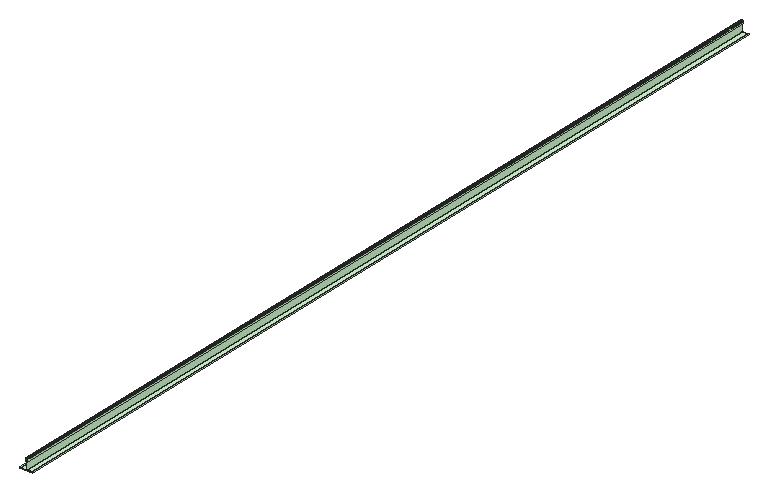
Revit family "eat4050", category 機械設備, Revit 2022
Family settings
  丸型コネクタ寸法 = 直径を使用
  種別 = なし
  パーツ タイプ = 標準
  作業面ベース = いいえ
  常に垂直 = はい
  ロード時にボイドで切り取り = いいえ
  注釈の向きを維持 = いいえ
  共有 = いいえ
  部屋計算ポイント = いいえ
Parameters
  製造元 = "株式会社桐井製作所"
  既定の高さ = 0 mm
  URL = "https://www.kirii.co.jp/"
  K_長さ(mm) [instance] = 3600 mm
  K_品名 = "アルミTバーeAT4050"
  K_名称 = "アルミTバー"
  K_入数 = "12"
  K_備考 = "定尺L=3000、L=3600"
  K_バージョン情報 = "20220915"
Reference planes
  plane 1 "中心(正面/背面)": y = 0
  plane 2: z = 0
  plane 3 "中心(左/右)": x = 0
  plane 4: y = 3600
Forms (mm)
  Extrusion 1, solid
    sketch origin (0, 0, 7.1) x (-1, 0, 0) y (0, 0, 1)
      loop
        line (0.65, 26.4) -> (1.75, 26.4) -> (2.4, 25.75) -> (2.4, 24.9) -> (3.5, 24.9) -> (3.5, 35.2) -> (1.367, 35.2) -> (1.008, 34.43) -> (1.346, 33.705) -> (1.008, 32.98) -> (1.346, 32.255) -> (1.008, 31.53) -> (1.346, 30.805) -> (0.828, 30.188) -> (1.288, 29.555) -> (2.2, 29.7) -> (2.2, 28.6) -> (1, 27.4) -> (-1, 27.4) -> (-2.2, 28.6) -> (-2.2, 30.191) -> (-1.383, 29.894) -> (-0.827, 30.45) -> (-1.172, 31.191) -> (-0.834, 31.916) -> (-1.172, 32.641) -> (-0.834, 33.366) -> (-1.308, 34.017) -> (-0.839, 34.662) -> (-1.579, 35.2) -> (-3.5, 35.2) -> (-3.5, 24.9) -> (-2.4, 24.9) -> (-2.4, 25.75) -> (-1.75, 26.4) -> (-0.65, 26.4) -> (-0.65, -5.6) -> (-2.4, -5.6) -> (-2.4, -4.8) -> (-3.5, -4.8) -> (-3.5, -5.6) -> (-21, -5.6) -> (-21, -4.8) -> (-25, -4.8) -> (-25, -7.1) -> (25, -7.1) -> (25, -4.8) -> (21, -4.8) -> (21, -5.6) -> (3.5, -5.6) -> (3.5, -4.8) -> (2.4, -4.8) -> (2.4, -5.6) -> (0.65, -5.6) -> (0.65, 26.4)
    from 0 to 3600
Dimensions and locks
  plane 4 to plane 1 "中心(正面/背面)" = 3600 mm
  "K_長さ(mm)": plane 4 to plane 1 "中心(正面/背面)"
  aligned and locked: level to plane 2
  aligned and locked: plane 4 to Extrusion 1
  aligned and locked: Extrusion 1 to plane 4
Automatic sketch dimensions
  Extrusion 1 sketch curve to level = 0 mm
  level to Extrusion 1 sketch curve = 2.3 mm
  plane 3 "中心(左/右)" to Extrusion 1 sketch curve = 25 mm
  level to Extrusion 1 sketch curve = 1.5 mm  (x2)
  Extrusion 1 sketch curve to Extrusion 1 sketch curve = 4 mm  (x2)
  plane 3 "中心(左/右)" to Extrusion 1 sketch curve = 3.5 mm  (x2)
  Extrusion 1 sketch curve to Extrusion 1 sketch curve = 1.1 mm  (x5)
  plane 3 "中心(左/右)" to Extrusion 1 sketch curve = 2.2 mm
  Extrusion 1 sketch curve to Extrusion 1 sketch curve = 0.65 mm  (x4)
  plane 3 "中心(左/右)" to Extrusion 1 sketch curve = 1.579 mm
  Extrusion 1 sketch curve to Extrusion 1 sketch curve = 0.817 mm
  Extrusion 1 sketch curve to Extrusion 1 sketch curve = 0.271 mm
  plane 3 "中心(左/右)" to Extrusion 1 sketch curve = 1.172 mm  (x2)
  plane 3 "中心(左/右)" to Extrusion 1 sketch curve = 1 mm
  Extrusion 1 sketch curve to Extrusion 1 sketch curve = 0.469 mm
  Extrusion 1 sketch curve to Extrusion 1 sketch curve = 0.338 mm  (x5)
  Extrusion 1 sketch curve to Extrusion 1 sketch curve = 0.556 mm  (x2)
  plane 3 "中心(左/右)" to Extrusion 1 sketch curve = 0.65 mm
  Extrusion 1 sketch curve to plane 3 "中心(左/右)" = 0.65 mm
  Extrusion 1 sketch curve to plane 3 "中心(左/右)" = 0.828 mm
  Extrusion 1 sketch curve to plane 3 "中心(左/右)" = 1 mm
  Extrusion 1 sketch curve to plane 3 "中心(左/右)" = 1.008 mm  (x3)
  Extrusion 1 sketch curve to Extrusion 1 sketch curve = 0.46 mm
  Extrusion 1 sketch curve to Extrusion 1 sketch curve = 0.359 mm
  Extrusion 1 sketch curve to Extrusion 1 sketch curve = 0.912 mm
  Extrusion 1 sketch curve to Extrusion 1 sketch curve = 1.75 mm
  Extrusion 1 sketch curve to Extrusion 1 sketch curve = 17.5 mm
  Extrusion 1 sketch curve to Extrusion 1 sketch curve = 0 mm  (x3)
  Extrusion 1 sketch curve to Extrusion 1 sketch curve = 0.8 mm  (x3)
  Extrusion 1 sketch curve to Extrusion 1 sketch curve = 29.7 mm
  Extrusion 1 sketch curve to Extrusion 1 sketch curve = 0.85 mm  (x2)
  Extrusion 1 sketch curve to Extrusion 1 sketch curve = 1 mm
  Extrusion 1 sketch curve to Extrusion 1 sketch curve = 1.2 mm  (x2)
  Extrusion 1 sketch curve to Extrusion 1 sketch curve = 0.955 mm
  Extrusion 1 sketch curve to Extrusion 1 sketch curve = 0.145 mm
  Extrusion 1 sketch curve to Extrusion 1 sketch curve = 1.294 mm
  Extrusion 1 sketch curve to Extrusion 1 sketch curve = 0.633 mm
  Extrusion 1 sketch curve to Extrusion 1 sketch curve = 0.297 mm
  Extrusion 1 sketch curve to Extrusion 1 sketch curve = 0.617 mm
  Extrusion 1 sketch curve to Extrusion 1 sketch curve = 0.741 mm
  Extrusion 1 sketch curve to Extrusion 1 sketch curve = 0.725 mm  (x8)
  Extrusion 1 sketch curve to Extrusion 1 sketch curve = 0.651 mm
  Extrusion 1 sketch curve to Extrusion 1 sketch curve = 0.645 mm
  Extrusion 1 sketch curve to Extrusion 1 sketch curve = 0.77 mm
